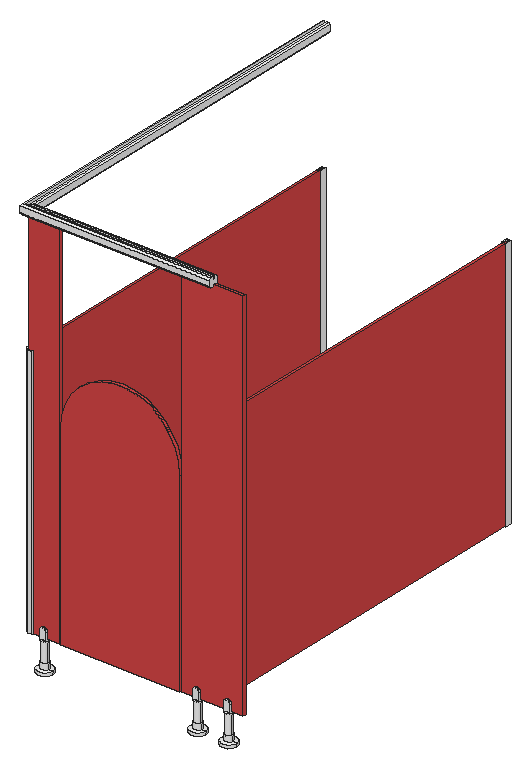
Revit family "ToiletPartition_ASI_Alpaco-Kids", category Casework, Revit 2014
Parameters (values of type "Last Stall - Hinge Side Panel")
  Width [instance] = 3' - 0"
  Warranty Duration (Years) = 0
  Wall Extension Length [instance] = 2' - 10"
  URL = "http://www.accuratepartitions.com/"
  Type Comments = "Contact Manufacturer for More Information"
  Test Data = "http://www.accuratepartitions.com/accurate/flammability.html"
  StrkPnlOffset = if((Offset Strike Panel), (Pilaster Width_Strike Side + (Panel Thickness / 2)), StrkPilast2)  # 0' - 6"
  StrkPilast2 = Pilaster Width_Strike Side / 2  # 0' - 6"
  Strike Side Panel = yes
  Strike Pilaster = yes
  Specification = "http://www.arcat.com/sdspecs/htm/10155apc.htm"
  SpecWizard = ""
  Pilaster Thickness = 0' - 0 1/2"
  Panel Thickness = 0' - 0 1/2"
  Panel - Strike Side = Pilaster : Mid Panel
  Panel - Hinge Side = Pilaster : End Panel
  Offset Strike Panel = no
  Offset Hinge Panel = yes
  HngPnlOffset = if((Offset Hinge Panel), (Pilaster Width_Hinge Side + (Panel Thickness / 2)), HngPilast2)  # 0' - 6 1/4"
  Hinge Side Panel = yes
  Send Message = "http://www.arcat.com/users.pl?action=UserEmail&company=Accurate%20Partitions%20Corp&coid=30092&rep=139&fax=708-442-7439&mf="
  Sales Information = "http://www.accuratepartitions.com/accurate/images/AccurateReps.xls"
  Revision = "R1_09-2010"
  Product Properties = "http://www.arcat.com/bim/bim_info.pl?fn=AccuratePartitions"
  Product Data = "http://www.arcat.com/arcatcos/cos30/arc30092.html"
  Pilaster Width_Hinge Side = 0' - 6"
  Pilaster Width_Strike Side = 1' - 0"
  Pilaster Height = 6' - 7 97/256"  # constant formula
  Panel Height from Floor = 0' - 5.90551"
  Panel Height = 4' - 1 27/128"
  Model = "As Specified in 10 21 00"
  Material [instance] = As Specified from Manufacturer's Material and Finish Options
  Manufacturer Website = "http://www.accuratepartitions.com/"
  Manufacturer Phone - Toll Free = "800-400-6804"
  Manufacturer Phone = "708-442-6800"
  Manufacturer Fax = "708-442-7439"
  Manufacturer Address = "P. O. Box 287, Lyons, IL 60534-0287"
  Manufacturer = "Accurate Partitions Corp"
  Maintenance Schedule (Months) = 0
  Keynote = "10 21 00"
  Installation-Fabrication = "http://www.accuratepartitions.com/accurate/install.html"
  Installation Phase = ""
  HngPilast2 = Pilaster Width_Hinge Side / 2  # 0' - 3"
  Hinge Pilaster = yes
  Hinge [instance] = "[Stirrup}{Continuous}"
  Height = 6' - 8 81/256"
  Headrail Height = 0' - 1 1/4"
  HasBothReturns = no
  Has Return Rail2 = (and(Strike Pilaster, Offset Strike Panel, Strike Side Panel))  # no
  Has Return Rail 1 = (and(Hinge Pilaster, Offset Hinge Panel, Hinge Side Panel))  # yes
  Hardware Finish [instance] = Aluminum
  Green Building-LEED = "http://www.arcat.com/green/clients/leed_data_30092.html"
  GapStrk = if((Offset Strike Panel), ((Panel Thickness / 2) + 0' 1"), 0' 0")  # 0' - 0"
  GapHng = if((Offset Hinge Panel), ((Panel Thickness / 2) + 0' 1"), 0' 0")  # 0' - 1 1/4"
  FrontRailOnly = no
  FootLoc_Strike = if((Offset Strike Panel), (Pilaster Width_Strike Side / 2), (Pilaster Width_Strike Side / 4))  # 0' - 3"
  FootLoc_Hinge = if((Offset Hinge Panel), (Pilaster Width_Hinge Side / 2), (Pilaster Width_Hinge Side / 4))  # 0' - 3"
  Foot Space_Strike = Pilaster Width_Strike Side / 2  # 0' - 6"
  Foot Space_Hinge = Pilaster Width_Hinge Side / 2  # 0' - 3"
  Expected Lifespan (Years) = 0
  Drawn By = "Sumex Design, Inc."
  Door Thickness = 0' - 0 1/2"
  Door Style = Door : Kids
  Door Height = 4' - 1 27/128"
  Door Handle Height = 3' - 0"
  Description = "Partition as Specified in 10 21 00"
  Depth [instance] = 6' - 0"
  Copyright = "2010, ARCAT, Inc"
  Construction Details = "http://www.arcat.com/details/accurate/accurate.html?coid=30092"
  Building Codes = ""
  Bracket Type [instance] = "[Integral}{Vault}{8\" Aluminum Wrap-Around}{Continuous Piano}{Continuous Cam-Action}"
  Assembly Code = "C1010400"
  2Feet_StrikeSide = not(Offset Strike Panel)  # yes
  2Feet_HingeSide = not(Offset Hinge Panel)  # no
Types (7): name | StrkPnlOffset | StrkPilast2 | Strike Side Panel | Panel - Strike Side | Offset Strike Panel | Offset Hinge Panel | HngPnlOffset | Hinge Side Panel | Pilaster Width_Hinge Side | Pilaster Width_Strike Side | HngPilast2 | Hinge Pilaster | HasBothReturns | Has Return Rail2 | Has Return Rail 1 | GapStrk | GapHng | FrontRailOnly | Foot Space_Strike | Foot Space_Hinge | 2Feet_StrikeSide | 2Feet_HingeSide
  (no name) | 0' - 6" | 0' - 6" | yes | Pilaster : Mid Panel | no | yes | 0' - 6 1/4" | yes | 0' - 6" | 1' - 0" | 0' - 3" | yes | no | no | yes | 0' - 0" | 0' - 1 1/4" | no | 0' - 6" | 0' - 3" | yes | no
  First Stall - Hinge Side At Wall | 0' - 6" | 0' - 6" | yes | Pilaster : Mid Panel | no | yes | 0' - 6 1/4" | no | 0' - 6" | 1' - 0" | 0' - 3" | yes | no | no | no | 0' - 0" | 0' - 1 1/4" | yes | 0' - 6" | 0' - 3" | yes | no
  Intermediate Stall | 0' - 6" | 0' - 6" | yes | Pilaster : Mid Panel | no | yes | 0' - 6 1/4" | no | 0' - 6" | 1' - 0" | 0' - 3" | no | no | no | no | 0' - 0" | 0' - 1 1/4" | yes | 0' - 6" | 0' - 3" | yes | no
  First Stall - Strike Side At Wall | 0' - 6 1/4" | 0' - 3" | no | Pilaster : Mid Panel | yes | no | 0' - 6" | no | 1' - 0" | 0' - 6" | 0' - 6" | no | no | no | no | 0' - 1 1/4" | 0' - 0" | yes | 0' - 3" | 0' - 6" | no | yes
  Single Stall - Freestanding | 0' - 6 1/4" | 0' - 3" | yes | Pilaster : End Panel | yes | yes | 0' - 6 1/4" | yes | 0' - 6" | 0' - 6" | 0' - 3" | yes | yes | yes | yes | 0' - 1 1/4" | 0' - 1 1/4" | no | 0' - 3" | 0' - 3" | no | no
  Last Stall - Strike Side Panel | 0' - 6 1/4" | 0' - 3" | yes | Pilaster : End Panel | yes | yes | 0' - 6 1/4" | no | 0' - 6" | 0' - 6" | 0' - 3" | no | no | yes | no | 0' - 1 1/4" | 0' - 1 1/4" | no | 0' - 3" | 0' - 3" | no | no
  Last Stall - Hinge Side Panel | 0' - 6" | 0' - 6" | yes | Pilaster : Mid Panel | no | yes | 0' - 6 1/4" | yes | 0' - 6" | 1' - 0" | 0' - 3" | yes | no | no | yes | 0' - 0" | 0' - 1 1/4" | no | 0' - 6" | 0' - 3" | yes | no
Reference planes (in)
  plane 1 "Center (Front/Back)": y = -4.89392
  plane 2 "Bottom": z = 0
  plane 3 "Center (Left/Right)": x = 3.546
  plane 4 "Front": y = -41.14392
  plane 5 "Back": y = 31.10608
  plane 6 "Top": z = 79.06641
  plane 7 "Panel Base": z = 5.90551
  plane 8: z = 36
  plane 9 "Pnl CL - R": x = 21.546
  plane 10 "Pnl CL - L": x = -14.454
  plane 11 "Top Rail": z = 80.31641
  plane 12: x = -14.204
  plane 13: x = -8.204
  plane 14: x = 15.546
  plane 15: x = 27.546
  plane 16: y = -40.89392
  plane 17: y = -41.39392
Forms (in)
  Sweep 1, solid, material "Aluminum" <- "Hardware Finish", visible <- "HasBothReturns", detail levels medium+fine
    path origin (0, 0, 80.31641) x (-1, 0, 0) y (0, -1, 0)
      loop
        line (14.454, -31.10608) -> (14.454, 41.14392) -> (-21.546, 41.14392) -> (-21.546, -31.10608)
    profile "Rail_AvGd-Classic : Classic" origin (3.546, -41.14392, 80.31641) x (0, 1, 0) y (0, 0, 1)
      loop
        line (0.57776, 0) -> (0.25, 0) -> (0.25, -0.5) -> (-0.25, -0.5) -> (-0.25, 0) -> (-0.57776, 0) -> (-0.90551, -0.32776) -> (-0.90551, -1.48474) -> (-0.57776, -1.8125) -> (-0.25, -1.8125) -> (-0.25, -1.3125) -> (0.25, -1.3125) -> (0.25, -1.8125) -> (0.57776, -1.8125) -> (0.90551, -1.48474) -> (0.90551, -0.32776) -> (0.57776, 0)
  Extrusion 2, solid, material "As Specified from Manufacturer's Material and Finish Options" <- "Material", visible <- "Strike Pilaster"
    sketch origin (0, 0, 5.90551) x (-1, 0, 0) y (0, -1, 0)
      loop
        line (-15.546, 40.89392) -> (-15.546, 41.39392) -> (-27.546, 41.39392) -> (-27.546, 40.89392) -> (-15.546, 40.89392)
    from 0 to 73.16089
  Extrusion 3, solid, material "As Specified from Manufacturer's Material and Finish Options" <- "Material", visible <- "Hinge Pilaster"
    sketch origin (0, 0, 5.90551) x (-1, 0, 0) y (0, -1, 0)
      loop
        line (14.204, 40.89392) -> (14.204, 41.39392) -> (8.204, 41.39392) -> (8.204, 40.89392) -> (14.204, 40.89392)
    from 0 to 73.16089
  Sweep 4, solid, material "Aluminum" <- "Hardware Finish", visible <- "Has Return Rail 1", detail levels medium+fine
    path origin (-51, 0, 80.31641) x (-1, 0, 0) y (0, -1, 0)
      loop
        line (-36.546, -31.10608) -> (-36.546, 41.14392) -> (-72.546, 41.14392)
    profile "Rail_AvGd-Classic : Classic" origin (3.546, -41.14392, 80.31641) x (0, 1, 0) y (0, 0, 1)
      loop
        line (0.57776, 0) -> (0.25, 0) -> (0.25, -0.5) -> (-0.25, -0.5) -> (-0.25, 0) -> (-0.57776, 0) -> (-0.90551, -0.32776) -> (-0.90551, -1.48474) -> (-0.57776, -1.8125) -> (-0.25, -1.8125) -> (-0.25, -1.3125) -> (0.25, -1.3125) -> (0.25, -1.8125) -> (0.57776, -1.8125) -> (0.90551, -1.48474) -> (0.90551, -0.32776) -> (0.57776, 0)
  Sweep 5, solid, material "Aluminum" <- "Hardware Finish", visible <- "Has Return Rail2", detail levels medium+fine
    path origin (77, 0, 80.31641) x (-1, 0, 0) y (0, -1, 0)
      loop
        line (91.454, 41.14392) -> (55.454, 41.14392) -> (55.454, -31.10608)
    profile "Rail_AvGd-Classic : Classic" origin (3.546, -41.14392, 80.31641) x (0, 1, 0) y (0, 0, 1)
      loop
        line (0.57776, 0) -> (0.25, 0) -> (0.25, -0.5) -> (-0.25, -0.5) -> (-0.25, 0) -> (-0.57776, 0) -> (-0.90551, -0.32776) -> (-0.90551, -1.48474) -> (-0.57776, -1.8125) -> (-0.25, -1.8125) -> (-0.25, -1.3125) -> (0.25, -1.3125) -> (0.25, -1.8125) -> (0.57776, -1.8125) -> (0.90551, -1.48474) -> (0.90551, -0.32776) -> (0.57776, 0)
  Sweep 6, solid, material "Aluminum" <- "Hardware Finish", visible <- "FrontRailOnly", detail levels medium+fine
    path origin (-131, 0, 80.31641) x (-1, 0, 0) y (0, -1, 0)
      loop
        line (-116.546, 41.14392) -> (-158.546, 41.14392)
    profile "Rail_AvGd-Classic : Classic" origin (6.546, -41.14392, 80.31641) x (0, 1, 0) y (0, 0, 1)
      loop
        line (0.57776, 0) -> (0.25, 0) -> (0.25, -0.5) -> (-0.25, -0.5) -> (-0.25, 0) -> (-0.57776, 0) -> (-0.90551, -0.32776) -> (-0.90551, -1.48474) -> (-0.57776, -1.8125) -> (-0.25, -1.8125) -> (-0.25, -1.3125) -> (0.25, -1.3125) -> (0.25, -1.8125) -> (0.57776, -1.8125) -> (0.90551, -1.48474) -> (0.90551, -0.32776) -> (0.57776, 0)
Dimensions and locks (in)
  equal spacing: plane 5 "Back", plane 1 "Center (Front/Back)", plane 16
  "Depth": plane 5 "Back" to plane 16
  "Panel Height from Floor": plane 7 "Panel Base" to level
  equal spacing: plane 10 "Pnl CL - L", plane 3 "Center (Left/Right)", plane 9 "Pnl CL - R"
  "Width": plane 10 "Pnl CL - L" to plane 9 "Pnl CL - R"
  "Door Handle Height": plane 8 to plane 2 "Bottom"
  "Headrail Height": plane 11 "Top Rail" to plane 6 "Top"
  "Height": plane 11 "Top Rail" to level
  "Pilaster Width_Hinge Side": plane 12 to plane 13
  "Pilaster Width_Strike Side": plane 14 to plane 15
  "StrkPnlOffset": plane 14 to plane 9 "Pnl CL - R"
  "HngPnlOffset": plane 10 "Pnl CL - L" to plane 13
  equal spacing: plane 16, plane 4 "Front", plane 17
  "Panel Thickness": plane 16 to plane 17
  "Foot Space_Hinge": nested 4 to nested 6
  "Foot Space_Strike": nested 7 to nested 5
  "FootLoc_Hinge": nested 6 to plane 13
  "FootLoc_Hinge": plane 14 to nested 7
  aligned and locked: nested 1 to plane 4 "Front"
  aligned and locked: nested 2 to plane 4 "Front"
  aligned and locked: plane 2 "Bottom" to nested 2
  aligned and locked: plane 5 "Back" to Sweep 1 sketch curve  (x2)
  aligned and locked: Sweep 1 sketch curve to plane 4 "Front"
  aligned and locked: plane 9 "Pnl CL - R" to Sweep 1 sketch curve
  aligned and locked: level to nested 1
  aligned and locked: plane 10 "Pnl CL - L" to nested 1
  aligned and locked: nested 3 to plane 4 "Front"
  aligned and locked: nested 3 to plane 13
  aligned and locked: nested 3 to plane 14
  aligned and locked: Extrusion 2 sketch curve to plane 16
  aligned and locked: Extrusion 2 sketch curve to plane 15
  aligned and locked: plane 17 to Extrusion 2 sketch curve
  aligned and locked: plane 14 to Extrusion 2 sketch curve
  aligned and locked: Extrusion 3 sketch curve to plane 13
  aligned and locked: Extrusion 3 sketch curve to plane 16
  aligned and locked: plane 12 to Extrusion 3 sketch curve
  aligned and locked: plane 17 to Extrusion 3 sketch curve
  aligned and locked: plane 6 "Top" to Extrusion 2
  aligned and locked: plane 6 "Top" to Extrusion 3
  aligned and locked: nested 5 to plane 4 "Front"
  aligned and locked: nested 4 to plane 4 "Front"
  aligned and locked: plane 10 "Pnl CL - L" to Sweep 1 sketch curve
  aligned and locked: plane 10 "Pnl CL - L" to Sweep 6 sketch curve
  aligned and locked: plane 9 "Pnl CL - R" to Sweep 4 sketch curve
  aligned and locked: Sweep 4 sketch curve to plane 4 "Front"
  aligned and locked: plane 10 "Pnl CL - L" to Sweep 4 sketch curve
  aligned and locked: plane 10 "Pnl CL - L" to Sweep 5 sketch curve
  aligned and locked: Sweep 5 sketch curve to plane 4 "Front"
  aligned and locked: plane 9 "Pnl CL - R" to Sweep 5 sketch curve
  aligned and locked: plane 5 "Back" to Sweep 5 sketch curve
  aligned and locked: plane 5 "Back" to Sweep 4 sketch curve
  aligned and locked: Sweep 6 sketch curve to plane 4 "Front"
  aligned and locked: nested 6 to plane 4 "Front"
  aligned and locked: nested 7 to plane 4 "Front"
  aligned and locked: Extrusion 2 to Sweep 6 sketch curve
Nested families (in)
  nested 1: "Pilaster" at (-14.454, -41.14392, 0) x (-1, 0, 0) z (0, 0, 1), Pilaster Height <- "Pilaster Height", visible <- "Hinge Side Panel", Floor Gap <- "Panel Height from Floor", Panel Height <- "Panel Height", Stall Depth <- "Depth", type <- "Panel - Hinge Side", type "End Panel"
    with Stall Depth 6' - 0", Pilaster Height 6' - 7 97/256", Panel Height 4' - 1 27/128", Floor Gap 0' - 5.90551"
  nested 2: "Pilaster" at (21.546, -41.14392, 0), Pilaster Height <- "Pilaster Height", visible <- "Strike Side Panel", Floor Gap <- "Panel Height from Floor", Panel Height <- "Panel Height", Stall Depth <- "Depth", type <- "Panel - Strike Side", type "Mid Panel"
    with Stall Depth 6' - 0", Pilaster Height 6' - 7 97/256", Panel Height 4' - 1 27/128", Floor Gap 0' - 5.90551"
  nested 3: "Door" at (3.546, -41.14392, 5.90551), type <- "Door Style", type "Kids"
    with HalfWidth 0' - 11 5/8", Door Width 1' - 11 3/4", Door Height 4' - 1 27/128"
  nested 4: "Foot" at (-14.204, -41.14392, 0), visible <- "2Feet_HingeSide", type "Foot", detail levels medium+fine
  nested 5: "Foot" at (24.546, -41.14392, 0), visible <- "2Feet_StrikeSide", type "Foot", detail levels medium+fine
  nested 6: "Foot" at (-11.204, -41.14392, 0), visible <- "Hinge Pilaster", type "Foot", detail levels medium+fine
  nested 7: "Foot" at (18.546, -41.14392, 0), type "Foot", detail levels medium+fine
Definition of nested family "Pilaster"
  Parameters (values of type "Mid Panel")
    Warranty Duration (Years) = 0
    URL = ""
    Test Data = ""
    Stall Depth [instance] = 2' - 0.52314"
    Specification = ""
    SpecWizard = ""
    Send Message = ""
    Sales Information = ""
    Revision = "R1_03-2010"
    Product Properties = "http://www.arcat.com/bim/bim_info.pl?fn="
    Product Data = ""
    Pilaster Height [instance] = 4' - 0"
    Panel Thickness = 0' - 0 1/2"
    Panel Height [instance] = 2' - 10.19401"
    Panel = yes
    Model = ""
    Material = As Specified from Manufacturer's Material and Finish Options
    Manufacturer Website = ""
    Manufacturer Phone - Toll Free = ""
    Manufacturer Phone = ""
    Manufacturer Fax = ""
    Manufacturer Address = ""
    Manufacturer = ""
    Maintenance Schedule (Months) = 0
    Keynote = ""
    Installation-Fabrication = ""
    Installation Phase = ""
    Hardware Finish = Aluminum
    Green Building-LEED = ""
    Floor Gap [instance] = 0' - 3.56921"
    Expected Lifespan (Years) = 0
    End Panel Hdw = no
    Drawn By = "Robert S. Weygant, CSI, CDT, SCIP"
    Description = ""
    Ctr Panel Hdw = yes
    Copyright = "2010, ARCAT, Inc"
    Construction Details = ""
    Building Codes = ""
    Assembly Code = "A"
  Types (3): name | Stall Depth | Panel | End Panel Hdw | Ctr Panel Hdw
    End Panel | 5' - 0" | yes | yes | no
    Mid Panel | 2' - 0.52314" | yes | no | yes
    No Panel | 5' - 0" | no | no | no
  Reference planes (in)
    plane 1 "Center (Front/Back)": y = 0
    plane 2 "Bottom": z = 0
    plane 3 "Center (Left/Right)": x = 0
    plane 4 "Front": y = -0.25
    plane 5 "Back": y = 0.25
    plane 6 "Left": x = -0.25
    plane 7 "Top": z = 48
    plane 8 "B.O. Panel": z = 3.56921
    plane 9: y = 24.27314
    plane 10: z = 37.76322
    plane 11: x = 0.25
    plane 12: y = 23.11689
  Forms (in)
    Extrusion 1, solid, material "As Specified from Manufacturer's Material and Finish Options" <- "Material", visible <- "Panel"
      sketch origin (-4.25, 0, 3.56921) x (-1, 0, 0) y (0, -1, 0)
        loop
          line (-4.5, -0.625) -> (-4.5, -23.89814) -> (-4, -23.89814) -> (-4, -0.625) -> (-4.5, -0.625)
      from 0 to 34.19401
    Extrusion 2, solid, material "Aluminum" <- "Hardware Finish", visible <- "Ctr Panel Hdw", detail levels fine
      sketch origin (0, 0, 3.56921) x (-1, 0, 0) y (0, -1, 0)
        loop
          line (-0.3937, -0.25) -> (-0.3937, -1.4311) -> (-0.25, -1.4311) -> (-0.25, -0.40625) -> (0.25, -0.40625) -> (0.25, -1.4311) -> (0.3937, -1.4311) -> (0.3937, -0.25) -> (-0.3937, -0.25)
      from 0 to 34.19401
    Extrusion 3, solid, material "Aluminum" <- "Hardware Finish", visible <- "End Panel Hdw", detail levels fine
      sketch origin (10, 0, 3.56921) x (-1, 0, 0) y (0, -1, 0)
        loop
          line (9.6063, -0.25) -> (9.6063, -1.10236) -> (9.75, -1.10236) -> (9.75, -0.3937) -> (10.25, -0.3937) -> (10.25, -1.10236) -> (10.3937, -1.10236) -> (10.3937, -0.3937) -> (11.10236, -0.3937) -> (11.10236, -0.25) -> (10.25, -0.25) -> (10.25, 0.25) -> (11.10236, 0.25) -> (11.10236, 0.3937) -> (10.25, 0.3937) -> (9.6063, -0.25)
      from 0 to 34.19401
    Extrusion 4, solid, material "Aluminum" <- "Hardware Finish", visible <- "Panel", detail levels fine
      sketch origin (0, 60, 3.56921) x (-1, 0, 0) y (0, -1, 0)
        loop
          line (-0.3937, 35.72686) -> (0.3937, 35.72686) -> (0.3937, 36.88311) -> (0.25, 36.88311) -> (0.25, 35.88311) -> (-0.25, 35.88311) -> (-0.25, 36.88311) -> (-0.3937, 36.88311) -> (-0.3937, 35.72686)
      from 0 to 34.19401
  Dimensions and locks (in)
    equal spacing: plane 5 "Back", plane 1 "Center (Front/Back)", plane 4 "Front"
    "Panel Thickness": plane 5 "Back" to plane 4 "Front"
    equal spacing: plane 6 "Left", plane 3 "Center (Left/Right)", plane 11
    "Pilaster Height": plane 7 "Top" to plane 2 "Bottom"
    "Floor Gap": plane 8 "B.O. Panel" to level
    equal spacing: Extrusion 1 sketch curve, plane 3 "Center (Left/Right)", Extrusion 1 sketch curve
    "Panel Thickness": Extrusion 1 sketch curve to Extrusion 1 sketch curve
    Extrusion 1 sketch curve to plane 5 "Back" = 0' - 0 3/8"
    locked: Extrusion 3 sketch curve to plane 5 "Back" at 0.1437
    locked: plane 4 "Front" to Extrusion 3 sketch curve at 0.1437
    locked: Extrusion 3 sketch curve to plane 4 "Front" at 1.35236
    "Stall Depth": plane 9 to plane 4 "Front"
    "Panel Height": plane 10 to plane 8 "B.O. Panel"
    locked: plane 9 to Extrusion 1 sketch curve at 0.375
    locked: Extrusion 2 sketch curve to Extrusion 2 sketch curve at 0.1437  (x2)
    "Panel Thickness": plane 6 "Left" to plane 11
    locked: Extrusion 3 sketch curve to plane 6 "Left" at 0.1437
    locked: plane 11 to Extrusion 3 sketch curve at 0.1437
    locked: Extrusion 2 sketch curve to plane 5 "Back" at 0.15625
    locked: Extrusion 4 sketch curve to Extrusion 4 sketch curve at 0.1437  (x2)
    locked: plane 9 to Extrusion 4 sketch curve at 0.15625
    locked: plane 9 to plane 12 at 1.15625
    aligned and locked: Extrusion 2 to plane 8 "B.O. Panel"
    aligned and locked: Extrusion 3 sketch curve to Extrusion 3 sketch curve  (x2)
    aligned and locked: Extrusion 3 sketch curve to plane 5 "Back"
    aligned and locked: plane 4 "Front" to Extrusion 3 sketch curve
    aligned and locked: Extrusion 3 to plane 8 "B.O. Panel"
    aligned and locked: plane 10 to Extrusion 3
    aligned and locked: plane 10 to Extrusion 2
    aligned and locked: plane 10 to Extrusion 1
    aligned and locked: plane 6 "Left" to Extrusion 3 sketch curve
    aligned and locked: Extrusion 3 sketch curve to plane 6 "Left"
    aligned and locked: plane 11 to Extrusion 3 sketch curve
    aligned and locked: plane 11 to Extrusion 2 sketch curve
    aligned and locked: plane 6 "Left" to Extrusion 2 sketch curve
    aligned and locked: plane 5 "Back" to Extrusion 2 sketch curve
    aligned and locked: Extrusion 4 sketch curve to plane 11
    aligned and locked: Extrusion 4 sketch curve to plane 6 "Left"
    aligned and locked: plane 9 to Extrusion 4 sketch curve
    aligned and locked: plane 12 to Extrusion 4 sketch curve  (x2)
    aligned and locked: plane 10 to Extrusion 4
  Automatic sketch dimensions
    Extrusion 2 sketch curve to Extrusion 2 sketch curve = 0' - 1.02485"
    Extrusion 2 sketch curve to Extrusion 2 sketch curve = 0' - 0"
    Extrusion 3 sketch curve to plane 6 "Left" = 0' - 0"
    Extrusion 3 sketch curve to plane 5 "Back" = 0' - 0"
    Extrusion 3 sketch curve to Extrusion 3 sketch curve = 0' - 0.70866"
    Extrusion 3 sketch curve to Extrusion 3 sketch curve = 0' - 0.1437"
Definition of nested family "Door"
  Parameters (values of type "Rectangular")
    Warranty Duration (Years) = 0
    URL = ""
    Test Data = ""
    Specification = ""
    SpecWizard = ""
    Send Message = ""
    Sales Information = ""
    Revision = ""
    Rect = yes
    Product Properties = "http://www.arcat.com/bim/bim_info.pl?fn="
    Product Data = ""
    Model = ""
    Material = As Specified from Manufacturer's Material and Finish Options
    Manufacturer Website = ""
    Manufacturer Phone - Toll Free = ""
    Manufacturer Phone = ""
    Manufacturer Fax = ""
    Manufacturer Address = ""
    Manufacturer = ""
    Maintenance Schedule (Months) = 0
    Kids = no
    Keynote = ""
    Installation-Fabrication = ""
    Installation Phase = ""
    Hinge Offset = 0' - 0 1/4"
    Hdw CL = 2' - 6"
    Hardware Finish = Aluminum
    HalfWidth [instance] = (Door Width - (Hinge Offset * 2)) / 2  # 0' - 11 3/4"
    Green Building-LEED = ""
    Expected Lifespan (Years) = 0
    Drawn By = ""
    Door Width [instance] = 2' - 0"
    Door Thickness = 0' - 0 1/2"
    Door Height = 5' - 0"
    Description = ""
    Default Elevation = 4' - 0"
    Copyright = ""
    Construction Details = ""
    Building Codes = ""
    Assembly Code = ""
  Types (3): name | Rect | Kids
    (no name) | yes | no
    Rectangular | yes | no
    Kids | no | yes
  Reference planes (in)
    plane 1 "Center (Front/Back)": y = 0
    plane 2 "Bottom": z = 0
    plane 3 "Center (Left/Right)": x = 0
    plane 4 "Front": y = -0.25
    plane 5 "Back": y = 0.25
    plane 6 "Strike Side": x = -12
    plane 7 "Hinge Side": x = 12
    plane 8 "Top": z = 60
    plane 9: z = 58
    plane 10: z = 30
    plane 11: z = 48.25
  Forms (in)
    Extrusion 1, solid, material "As Specified from Manufacturer's Material and Finish Options" <- "Material", visible <- "Rect"
      sketch origin (0, 0, 0) x (1, 0, 0) y (0, 0, 1)
        loop
          line (-11.75, 60) -> (-11.75, 0) -> (11.75, 0) -> (11.75, 60) -> (-11.75, 60)
      from -0.25 to 0.25
    Extrusion 2, solid, material "As Specified from Manufacturer's Material and Finish Options" <- "Material", visible <- "Kids"
      sketch origin (0, 0, 0) x (1, 0, 0) y (0, 0, 1)
        loop
          line (-11.75, 0) -> (11.75, 0) -> (11.75, 48.25)
          arc (11.75, 48.25) -> (0, 60) -> (-11.75, 48.25) r 11.75
          line (-11.75, 48.25) -> (-11.75, 0)
      from -0.25 to 0.25
  Lines and regions (in)
    symbolic lines
      curve 1: arc (12, 0, 0) -> (4.97056, -16.97056, 0) -> (-12, -24, 0) r 24
      curve 2: line (-12, -24, 0) -> (-12, 0, 0)
  Dimensions and locks (in)
    equal spacing: plane 5 "Back", plane 1 "Center (Front/Back)", plane 4 "Front"
    "Door Thickness": plane 5 "Back" to plane 4 "Front"
    equal spacing: plane 6 "Strike Side", plane 3 "Center (Left/Right)", plane 7 "Hinge Side"
    "Door Width": plane 6 "Strike Side" to plane 7 "Hinge Side"
    "Door Height": plane 8 "Top" to plane 2 "Bottom"
    "Hinge Offset": Extrusion 1 sketch curve to plane 6 "Strike Side"
    locked: plane 8 "Top" to plane 9 at 2
    "Hdw CL": plane 10 to level
    "Hinge Offset": Extrusion 2 sketch curve to plane 6 "Strike Side"
    "Hinge Offset": plane 7 "Hinge Side" to Extrusion 2 sketch curve
    "HalfWidth": plane 8 "Top" to plane 11
    "Door Width": radius of curve 1
    aligned and locked: Extrusion 1 sketch curve to plane 8 "Top"
    aligned and locked: plane 2 "Bottom" to Extrusion 1 sketch curve
    aligned and locked: plane 5 "Back" to Extrusion 1
    aligned and locked: Extrusion 1 to plane 4 "Front"
    aligned and locked: curve 2 to plane 6 "Strike Side"
    aligned and locked: plane 1 "Center (Front/Back)" to curve 2
    aligned and locked: plane 11 to Extrusion 2 sketch curve  (x3)
    aligned and locked: plane 3 "Center (Left/Right)" to Extrusion 2 sketch curve
    aligned and locked: plane 5 "Back" to Extrusion 2
    aligned and locked: Extrusion 2 to plane 4 "Front"
  Automatic sketch dimensions
    Extrusion 1 sketch curve to plane 7 "Hinge Side" = 0' - 0 1/4"
    plane 1 "Center (Front/Back)" to curve 1 = 0' - 0"
    Extrusion 2 sketch curve to level = 0' - 0"
Definition of nested family "Foot"
  Parameters (values of type "Foot")
    PanelWidth = 0' - 0 1/2"
    Material = none
  Reference planes (in)
    plane 1 "Center (Front/Back)": y = 0
    plane 2: z = 0
    plane 3 "Center (Left/Right)": x = 0
    plane 4: z = 7.87402
    plane 5: z = 5.90551
    plane 6: x = -1.5
    plane 7: z = 0.5
    plane 8: x = -0.75
    plane 9: x = -0.5
    plane 10: x = -0.625
    plane 11: y = 0.25
    plane 12: y = -0.25
  Forms (in)
    Revolve 1, solid, material <- "Material"
      sketch origin (0, 0, 0) x (1, 0, 0) y (0, 0, 1)
        loop
          line (0, 0) -> (0, 5.75) -> (-0.5, 5.75) -> (-0.625, 5.53349) -> (-0.625, 1.75) -> (-0.75, 1.75) -> (-0.75, 0.70096) -> (-1.5, 0.5) -> (-1.5, 0) -> (0, 0)
        axis (0, 5.75) -> (0, 0)
      angle from 0 to 360
    Extrusion 2, solid, material <- "Material"
      sketch origin (0, 0, 0) x (1, 0, 0) y (0, 0, 1)
        loop
          line (-0.625, 5.53349) -> (0.625, 5.53349) -> (0.625, 7.24902)
          arc (0.625, 7.24902) -> (0, 7.87402) -> (-0.625, 7.24902) r 0.625
          line (-0.625, 7.24902) -> (-0.625, 5.53349)
      from -0.5 to 0.5
    Extrusion 3, void
      sketch origin (0, 0, 0) x (0, 1, 0) y (0, 0, 1)
        loop
          line (0.25, 7.87402) -> (-0.25, 7.87402) -> (-0.25, 5.90551) -> (0.25, 5.90551) -> (0.25, 7.87402)
      from -0.75 to 0.75
  Cuts and joins
    Extrusion 3 cuts Revolve 1
    Extrusion 3 cuts Extrusion 2
    joined: Revolve 1, Extrusion 2
  Dimensions and locks (in)
    locked: plane 4 to level at 7.87402
    locked: plane 5 to level at 5.90551
    plane 7 to level = 0' - 0 1/2"
    locked: plane 3 "Center (Left/Right)" to plane 6 at 1.5
    locked: plane 3 "Center (Left/Right)" to plane 8 at 0.75
    locked: plane 3 "Center (Left/Right)" to plane 9 at 0.5
    locked: plane 5 to Revolve 1 sketch curve at 0.15551
    equal spacing: plane 9, plane 10, plane 8
    locked: Revolve 1 sketch curve to plane 7 at 1.25
    equal spacing: plane 11, plane 1 "Center (Front/Back)", plane 12
    "PanelWidth": plane 11 to plane 12
    Extrusion 2 to plane 1 "Center (Front/Back)" to Extrusion 2 = 0' - 0 1/2" locked, 0' - 0 1/2" locked
    locked: plane 7 to Revolve 1 sketch curve (angle 15.00°)
    locked: Revolve 1 sketch curve to plane 8 (angle 30.00°)
    aligned and locked: plane 2 to level
    aligned and locked: Revolve 1 sketch curve to plane 3 "Center (Left/Right)"  (x2)
    aligned and locked: level to Revolve 1 sketch curve
    aligned and locked: plane 6 to Revolve 1 sketch curve
    aligned and locked: plane 8 to Revolve 1 sketch curve
    aligned and locked: plane 4 to Extrusion 3 sketch curve
    aligned and locked: Extrusion 3 sketch curve to plane 11
    aligned and locked: Extrusion 3 sketch curve to plane 5
    aligned and locked: plane 12 to Extrusion 3 sketch curve
    aligned and locked: Extrusion 3 to plane 8
  Automatic sketch dimensions
    Revolve 1 sketch curve to plane 10 = 0' - 0"
    Revolve 1 sketch curve to plane 9 = 0' - 0"
    Revolve 1 sketch curve to plane 7 = 0' - 0"
    Revolve 1 sketch curve to level = 2' - 0"
    plane 4 to Revolve 1 sketch curve = 7' - 10.84481"
    Extrusion 2 sketch curve to plane 10 = 0' - 0"
    Extrusion 2 sketch curve to plane 3 "Center (Left/Right)" = 0' - 0"
    Extrusion 2 sketch curve to plane 5 = 0' - 0.37202"
    Extrusion 2 sketch curve to plane 4 = 0' - 0 5/8"
